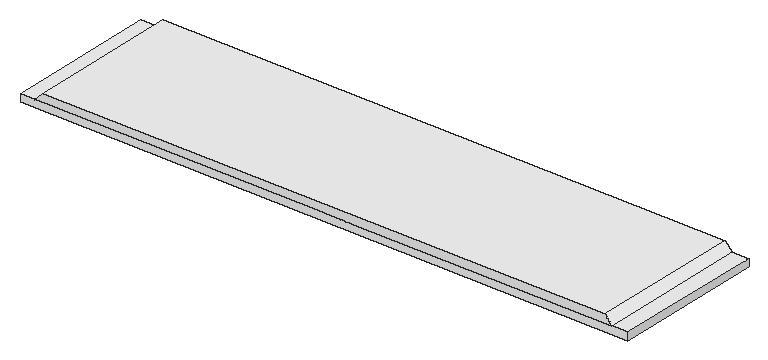
Revit family "JIMMY-II-PANEL_LED_40W_BACKLIGHT_3975LM_4000K_UGR19_1195X295_3_ANS_G", category Lighting Fixtures, host Ceiling, Revit 2021
Family settings
  Host = Ceiling
  Round Connector Dimension = Use Diameter
  Part Type = Normal
  OmniClass Number = 23.80.70.11
  OmniClass Title = Luminaries for Internal Lighting
  Always vertical = Yes
  Cut with Voids When Loaded = No
  Light Source = Yes
  Shared = No
  Room Calculation Point = No
Parameters (values of type "Type 1")
  Wattage Comments = "40W"
  Wattage = 26.9284 W
  built-in parameter 1150110 = 1 (stored number, unit not read)
  URL = "https://www.lucera.fr/"
  built-in parameter 1114217 = 1 (stored number, unit not read)
  Tilt Angle = 90.00°
  built-in parameter 1150109 = 1 (stored number, unit not read)
  built-in parameter 1150134 = 12
  built-in parameter 1150113 = 1 (stored number, unit not read)
  SDCM = "<3"
  Puissance nominale = "40W"
  Photometric Web File = "google_eulumdat_converter.ies"
  Matériau = "aluminium laqué blanc"
  Manufacturer = "Lucera - Lucera (c) 06/01/2021 16:37:58 +01:00"  # constant formula
  Maintien du flux = "L80B10 (50 000 heures)"
  Lumens = 4000 lm
  built-in parameter 1150115 = 1 (stored number, unit not read)
  built-in parameter 1150105 = 318.31 (stored number, unit not read)
  built-in parameter 1150137 = (empty or 0)
  built-in parameter 1150139 = (empty or 0)
  built-in parameter 1150112 = 1 (stored number, unit not read)
  built-in parameter 1150114 = 1 (stored number, unit not read)
  Lamp = "LED San’an 100lm/W"
  built-in parameter 1150132 = 2
  built-in parameter 1150102 = (empty or 0)
  built-in parameter 1150138 = (empty or 0)
  built-in parameter 1150107 = 4000 (stored number, unit not read)
  built-in parameter 1150106 = 3.1831 (stored number, unit not read)
  IRC = ">80"
  Emit from Rectangle Width = 609.6 mm
  Emit from Rectangle Length = 1219.2 mm
  Emit Shape Visible in Rendering = no
  built-in parameter 1150104 = 13.8 (stored number, unit not read)
  Durée de vie = "50 000 heures"
  Driver = "Driver classe 2 marque Lifud no-flicker avec connecteur rapide / option DALI"
  Dimming Lamp Color Temperature Shift = <None>
  Dimensions d’encastrement = "1195 x 295 x 30 mm"
  Dimensions = "1195 x 295 x 30 mm"
  Diffuseur = "Diffuseur prismatique"
  Default Elevation = 0 mm
  Color Filter = 16777215
  built-in parameter 1114218 = 1 (stored number, unit not read)
  built-in parameter 1150133 = 10 (stored number, unit not read)
  Angle d'éclairage = "90°"
  Alimentation luminaire = "33-40V dc / 1000 mA"
  Alimentation Driver = "220-240V AC"
Reference planes
  plane 1 "Light Source Axis (F/B)": y = 0
  plane 2: z = 0
  plane 3 "Light Source Axis (L/R)": x = 0
  plane 4 "Ceiling": z = 4000
  plane 5 "Light Source Elevation": z = 3988.813
Forms (mm)
  Extrusion 1, solid, material "Aluminum laqué blanc"
    sketch origin (-2.5, 0, 3985) x (0, 1, 0) y (-1, 0, 0)
      loop
        line (147.5, 595) -> (-147.5, 595) -> (-147.5, -600) -> (147.5, -600) -> (147.5, 595)
      loop
        line (130.726, 551.313) -> (-128.071, 551.313) -> (-128.071, -553.365) -> (130.726, -553.365) -> (130.726, 551.313)
    from 0 to 15
  Extrusion 2, solid, material "Aluminum laqué blanc"
    sketch origin (-1.332, 0, 0) x (1, 0, 0) y (0, 0, 1)
      loop
        line (567.197, 4000) -> (552.197, 4015) -> (-552.482, 4015) -> (-567.482, 4000) -> (567.197, 4000)
    from -147.5 to 147.5
  Extrusion 3, solid, material "Glass, White, High Luminance"
    sketch origin (0, 0, 4000) x (0, 1, 0) y (-1, 0, 0)
      loop
        line (130.726, 580) -> (-128.071, 580) -> (-128.071, -577.052) -> (130.726, -577.052) -> (130.726, 580)
    from -16.671 to -11.187
Lines and regions (mm)
  reference lines
    curve 1: line (0, 325, 3983.329) -> (0, 325, 4013.329)
    curve 2: line (0, -300, 4013.329) -> (0, -300, 3983.329)
    curve 3: line (0, -300, 4000) -> (297.5, -300, 4000)
    curve 4: line (297.5, 295, 4000) -> (-297.5, 295, 4000)
    curve 5: line (-297.5, -300, 4000) -> (0, -300, 4000)
    curve 6: line (257.426, 0, 4015) -> (295, 0, 4015)
    curve 7: line (295, 0, 4015) -> (-300, 0, 4015)
    curve 8: line (-300, 0, 4015) -> (-300, 0, 3985)
    curve 9: line (0, 0, 4000) -> (597.5, 0, 4000)
    curve 10: line (0, 0, 4000) -> (-597.5, 0, 4000)
    curve 11: line (0, 0, 4000) -> (0, 147.5, 4000)
    curve 12: line (0, 0, 4000) -> (0, -147.5, 4000)
Dimensions and locks
  equal spacing: host sketch curve, plane 3 "Light Source Axis (L/R)", host sketch curve
  equal spacing: host sketch curve, plane 1 "Light Source Axis (F/B)", host sketch curve
  host sketch curve to host sketch curve = 4000 mm  (x2)
  plane 4 "Ceiling" to host ceiling = 0 mm
  aligned and locked: plane 3 "Light Source Axis (L/R)" to imposter light
  aligned and locked: plane 1 "Light Source Axis (F/B)" to imposter light
  aligned and locked: plane 5 "Light Source Elevation" to imposter light
